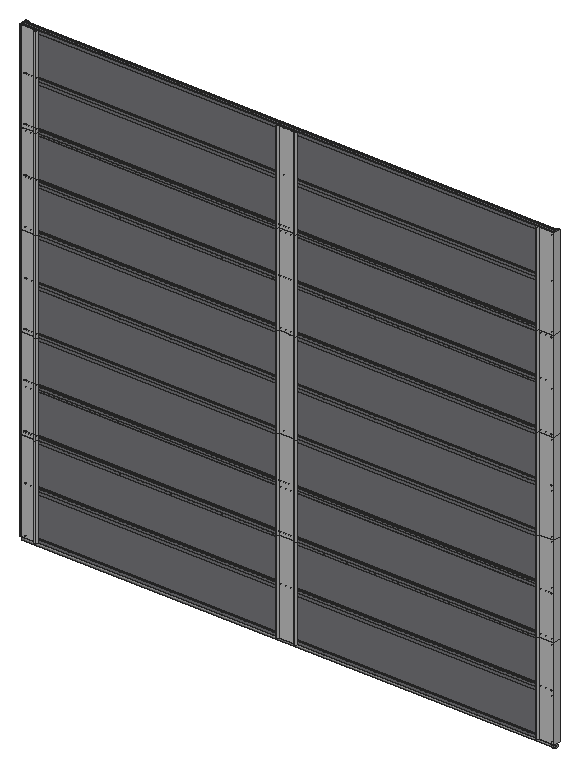
Revit family "GAFS 10H CH", category Doors, host Wall, Revit 2024
Family settings
  Host = Wall
  OmniClass Number = 23.30.10.00
  OmniClass Title = Doors
  Always vertical = Yes
  Cut with Voids When Loaded = No
  Shared = No
  Room Calculation Point = No
Parameters
  Wall Opening [instance] = 4880 mm
  Function = Interior
  Frame Projection Ext. = 25 mm
  Frame Projection Int. = 25 mm
  Frame Width = 75 mm
  Height = 2135 mm
  Wall Closure = By host
  Width = 2440 mm
Reference planes
  plane 1: y = 0
  plane 2 "Center (Left/Right)": x = 0
  plane 3: z = 2135
  plane 4 "Exterior": y = 75
  plane 5 "Interior": y = -75
  plane 6 "Garage Bottom": y = 75
  plane 7 "Garage Top": z = 2170
  plane 8: z = 19.954
  plane 9 "Garage Left": x = 1250
  plane 10 "Garage Right": x = -1250
Forms (mm)
  Extrusion 1, solid, material "STEEL BACK & SIDE PLATES"
    sketch origin (2744.172, 256, 612.954) x (1, 0, 0) y (0, 1, 0)
      loop
        line (-2791.977, -404.804) -> (-2789.506, -414.002) -> (-2782.523, -414.002) -> (-2780.383, -405.996) -> (-2707.961, -405.996) -> (-2705.821, -414.002) -> (-2698.839, -414.002) -> (-2696.367, -404.804) -> (-2697.626, -404.804) -> (-2699.758, -412.802) -> (-2704.9, -412.802) -> (-2707.039, -404.797) -> (-2781.305, -404.797) -> (-2783.444, -412.802) -> (-2788.586, -412.802) -> (-2790.718, -404.804) -> (-2791.977, -404.804)
      loop
        line (-3985.472, -373.2) -> (-3992.972, -373.2) -> (-3992.972, -372) -> (-3991.972, -372)
        arc (-3991.972, -372) -> (-3991.472, -371.5) -> (-3991.972, -371) r 0.5
        line (-3991.972, -371) -> (-3994.172, -371) -> (-3994.172, -406) -> (-3924.955, -406) -> (-3922.812, -414) -> (-3915.811, -414) -> (-3913.363, -404.8) -> (-3914.589, -404.8) -> (-3916.732, -412.8) -> (-3921.891, -412.8) -> (-3924.034, -404.8) -> (-3992.972, -404.8) -> (-3992.972, -374.4) -> (-3980.945, -374.4)
        arc (-3980.945, -374.4) -> (-3980.21, -374.891) -> (-3979.372, -374.607) r 1
        line (-3979.372, -374.607) -> (-3978.819, -374.054)
        arc (-3978.819, -374.054) -> (-3978.71, -373.509) -> (-3979.172, -373.2) r 0.5
        line (-3979.172, -373.2) -> (-3984.272, -373.2) -> (-3984.272, -371) -> (-3986.472, -371)
        arc (-3986.472, -371) -> (-3986.972, -371.5) -> (-3986.472, -372) r 0.5
        line (-3986.472, -372) -> (-3985.472, -372) -> (-3985.472, -373.2)
      loop
        line (-1502.872, -373.2) -> (-1502.872, -372) -> (-1501.872, -372)
        arc (-1501.872, -372) -> (-1501.372, -371.5) -> (-1501.872, -371) r 0.5
        line (-1501.872, -371) -> (-1504.072, -371) -> (-1504.072, -373.2) -> (-1509.172, -373.2)
        arc (-1509.172, -373.2) -> (-1509.634, -373.509) -> (-1509.526, -374.054) r 0.5
        line (-1509.526, -374.054) -> (-1508.972, -374.607)
        arc (-1508.972, -374.607) -> (-1508.135, -374.891) -> (-1507.399, -374.4) r 1
        line (-1507.399, -374.4) -> (-1495.372, -374.4) -> (-1495.372, -404.8) -> (-1564.31, -404.8) -> (-1566.454, -412.8) -> (-1571.612, -412.8) -> (-1573.756, -404.8) -> (-1574.982, -404.8) -> (-1572.533, -414) -> (-1565.533, -414) -> (-1563.389, -406) -> (-1494.172, -406) -> (-1494.172, -371) -> (-1496.372, -371)
        arc (-1496.372, -371) -> (-1496.872, -371.5) -> (-1496.372, -372) r 0.5
        line (-1496.372, -372) -> (-1495.372, -372) -> (-1495.372, -373.2) -> (-1502.872, -373.2)
    from 267.046 to 697.046
  Extrusion 2, solid, material "STEEL BACK & SIDE PLATES"
    sketch origin (2744.172, 256, 182.954) x (1, 0, 0) y (0, 1, 0)
      loop
        line (-2791.977, -404.804) -> (-2789.506, -414.002) -> (-2782.523, -414.002) -> (-2780.383, -405.996) -> (-2707.961, -405.996) -> (-2705.821, -414.002) -> (-2698.839, -414.002) -> (-2696.367, -404.804) -> (-2697.626, -404.804) -> (-2699.758, -412.802) -> (-2704.9, -412.802) -> (-2707.039, -404.797) -> (-2781.305, -404.797) -> (-2783.444, -412.802) -> (-2788.586, -412.802) -> (-2790.718, -404.804) -> (-2791.977, -404.804)
      loop
        line (-3985.472, -373.2) -> (-3992.972, -373.2) -> (-3992.972, -372) -> (-3991.972, -372)
        arc (-3991.972, -372) -> (-3991.472, -371.5) -> (-3991.972, -371) r 0.5
        line (-3991.972, -371) -> (-3994.172, -371) -> (-3994.172, -406) -> (-3924.955, -406) -> (-3922.812, -414) -> (-3915.811, -414) -> (-3913.363, -404.8) -> (-3914.589, -404.8) -> (-3916.732, -412.8) -> (-3921.891, -412.8) -> (-3924.034, -404.8) -> (-3992.972, -404.8) -> (-3992.972, -374.4) -> (-3980.945, -374.4)
        arc (-3980.945, -374.4) -> (-3980.21, -374.891) -> (-3979.372, -374.607) r 1
        line (-3979.372, -374.607) -> (-3978.819, -374.054)
        arc (-3978.819, -374.054) -> (-3978.71, -373.509) -> (-3979.172, -373.2) r 0.5
        line (-3979.172, -373.2) -> (-3984.272, -373.2) -> (-3984.272, -371) -> (-3986.472, -371)
        arc (-3986.472, -371) -> (-3986.972, -371.5) -> (-3986.472, -372) r 0.5
        line (-3986.472, -372) -> (-3985.472, -372) -> (-3985.472, -373.2)
      loop
        line (-1502.872, -373.2) -> (-1502.872, -372) -> (-1501.872, -372)
        arc (-1501.872, -372) -> (-1501.372, -371.5) -> (-1501.872, -371) r 0.5
        line (-1501.872, -371) -> (-1504.072, -371) -> (-1504.072, -373.2) -> (-1509.172, -373.2)
        arc (-1509.172, -373.2) -> (-1509.634, -373.509) -> (-1509.526, -374.054) r 0.5
        line (-1509.526, -374.054) -> (-1508.972, -374.607)
        arc (-1508.972, -374.607) -> (-1508.135, -374.891) -> (-1507.399, -374.4) r 1
        line (-1507.399, -374.4) -> (-1495.372, -374.4) -> (-1495.372, -404.8) -> (-1564.31, -404.8) -> (-1566.454, -412.8) -> (-1571.612, -412.8) -> (-1573.756, -404.8) -> (-1574.982, -404.8) -> (-1572.533, -414) -> (-1565.533, -414) -> (-1563.389, -406) -> (-1494.172, -406) -> (-1494.172, -371) -> (-1496.372, -371)
        arc (-1496.372, -371) -> (-1496.872, -371.5) -> (-1496.372, -372) r 0.5
        line (-1496.372, -372) -> (-1495.372, -372) -> (-1495.372, -373.2) -> (-1502.872, -373.2)
    from 267.046 to 697.046
  Extrusion 3, solid, material "STEEL BACK & SIDE PLATES"
    sketch origin (2744.172, 256, -247.046) x (1, 0, 0) y (0, 1, 0)
      loop
        line (-2791.977, -404.804) -> (-2789.506, -414.002) -> (-2782.523, -414.002) -> (-2780.383, -405.996) -> (-2707.961, -405.996) -> (-2705.821, -414.002) -> (-2698.839, -414.002) -> (-2696.367, -404.804) -> (-2697.626, -404.804) -> (-2699.758, -412.802) -> (-2704.9, -412.802) -> (-2707.039, -404.797) -> (-2781.305, -404.797) -> (-2783.444, -412.802) -> (-2788.586, -412.802) -> (-2790.718, -404.804) -> (-2791.977, -404.804)
      loop
        line (-3985.472, -373.2) -> (-3992.972, -373.2) -> (-3992.972, -372) -> (-3991.972, -372)
        arc (-3991.972, -372) -> (-3991.472, -371.5) -> (-3991.972, -371) r 0.5
        line (-3991.972, -371) -> (-3994.172, -371) -> (-3994.172, -406) -> (-3924.955, -406) -> (-3922.812, -414) -> (-3915.811, -414) -> (-3913.363, -404.8) -> (-3914.589, -404.8) -> (-3916.732, -412.8) -> (-3921.891, -412.8) -> (-3924.034, -404.8) -> (-3992.972, -404.8) -> (-3992.972, -374.4) -> (-3980.945, -374.4)
        arc (-3980.945, -374.4) -> (-3980.21, -374.891) -> (-3979.372, -374.607) r 1
        line (-3979.372, -374.607) -> (-3978.819, -374.054)
        arc (-3978.819, -374.054) -> (-3978.71, -373.509) -> (-3979.172, -373.2) r 0.5
        line (-3979.172, -373.2) -> (-3984.272, -373.2) -> (-3984.272, -371) -> (-3986.472, -371)
        arc (-3986.472, -371) -> (-3986.972, -371.5) -> (-3986.472, -372) r 0.5
        line (-3986.472, -372) -> (-3985.472, -372) -> (-3985.472, -373.2)
      loop
        line (-1502.872, -373.2) -> (-1502.872, -372) -> (-1501.872, -372)
        arc (-1501.872, -372) -> (-1501.372, -371.5) -> (-1501.872, -371) r 0.5
        line (-1501.872, -371) -> (-1504.072, -371) -> (-1504.072, -373.2) -> (-1509.172, -373.2)
        arc (-1509.172, -373.2) -> (-1509.634, -373.509) -> (-1509.526, -374.054) r 0.5
        line (-1509.526, -374.054) -> (-1508.972, -374.607)
        arc (-1508.972, -374.607) -> (-1508.135, -374.891) -> (-1507.399, -374.4) r 1
        line (-1507.399, -374.4) -> (-1495.372, -374.4) -> (-1495.372, -404.8) -> (-1564.31, -404.8) -> (-1566.454, -412.8) -> (-1571.612, -412.8) -> (-1573.756, -404.8) -> (-1574.982, -404.8) -> (-1572.533, -414) -> (-1565.533, -414) -> (-1563.389, -406) -> (-1494.172, -406) -> (-1494.172, -371) -> (-1496.372, -371)
        arc (-1496.372, -371) -> (-1496.872, -371.5) -> (-1496.372, -372) r 0.5
        line (-1496.372, -372) -> (-1495.372, -372) -> (-1495.372, -373.2) -> (-1502.872, -373.2)
    from 267 to 697.046
  Extrusion 4, solid, material "STEEL BACK & SIDE PLATES"
    sketch origin (2744.172, 256, 1042.954) x (1, 0, 0) y (0, 1, 0)
      loop
        line (-2791.977, -404.804) -> (-2789.506, -414.002) -> (-2782.523, -414.002) -> (-2780.383, -405.996) -> (-2707.961, -405.996) -> (-2705.821, -414.002) -> (-2698.839, -414.002) -> (-2696.367, -404.804) -> (-2697.626, -404.804) -> (-2699.758, -412.802) -> (-2704.9, -412.802) -> (-2707.039, -404.797) -> (-2781.305, -404.797) -> (-2783.444, -412.802) -> (-2788.586, -412.802) -> (-2790.718, -404.804) -> (-2791.977, -404.804)
      loop
        line (-3985.472, -373.2) -> (-3992.972, -373.2) -> (-3992.972, -372) -> (-3991.972, -372)
        arc (-3991.972, -372) -> (-3991.472, -371.5) -> (-3991.972, -371) r 0.5
        line (-3991.972, -371) -> (-3994.172, -371) -> (-3994.172, -406) -> (-3924.955, -406) -> (-3922.812, -414) -> (-3915.811, -414) -> (-3913.363, -404.8) -> (-3914.589, -404.8) -> (-3916.732, -412.8) -> (-3921.891, -412.8) -> (-3924.034, -404.8) -> (-3992.972, -404.8) -> (-3992.972, -374.4) -> (-3980.945, -374.4)
        arc (-3980.945, -374.4) -> (-3980.21, -374.891) -> (-3979.372, -374.607) r 1
        line (-3979.372, -374.607) -> (-3978.819, -374.054)
        arc (-3978.819, -374.054) -> (-3978.71, -373.509) -> (-3979.172, -373.2) r 0.5
        line (-3979.172, -373.2) -> (-3984.272, -373.2) -> (-3984.272, -371) -> (-3986.472, -371)
        arc (-3986.472, -371) -> (-3986.972, -371.5) -> (-3986.472, -372) r 0.5
        line (-3986.472, -372) -> (-3985.472, -372) -> (-3985.472, -373.2)
      loop
        line (-1502.872, -373.2) -> (-1502.872, -372) -> (-1501.872, -372)
        arc (-1501.872, -372) -> (-1501.372, -371.5) -> (-1501.872, -371) r 0.5
        line (-1501.872, -371) -> (-1504.072, -371) -> (-1504.072, -373.2) -> (-1509.172, -373.2)
        arc (-1509.172, -373.2) -> (-1509.634, -373.509) -> (-1509.526, -374.054) r 0.5
        line (-1509.526, -374.054) -> (-1508.972, -374.607)
        arc (-1508.972, -374.607) -> (-1508.135, -374.891) -> (-1507.399, -374.4) r 1
        line (-1507.399, -374.4) -> (-1495.372, -374.4) -> (-1495.372, -404.8) -> (-1564.31, -404.8) -> (-1566.454, -412.8) -> (-1571.612, -412.8) -> (-1573.756, -404.8) -> (-1574.982, -404.8) -> (-1572.533, -414) -> (-1565.533, -414) -> (-1563.389, -406) -> (-1494.172, -406) -> (-1494.172, -371) -> (-1496.372, -371)
        arc (-1496.372, -371) -> (-1496.872, -371.5) -> (-1496.372, -372) r 0.5
        line (-1496.372, -372) -> (-1495.372, -372) -> (-1495.372, -373.2) -> (-1502.872, -373.2)
    from 267.046 to 697.046
  Extrusion 5, solid, material "STEEL BACK & SIDE PLATES"
    sketch origin (2744.172, 256, 1472.954) x (1, 0, 0) y (0, 1, 0)
      loop
        line (-2791.977, -404.804) -> (-2789.506, -414.002) -> (-2782.523, -414.002) -> (-2780.383, -405.996) -> (-2707.961, -405.996) -> (-2705.821, -414.002) -> (-2698.839, -414.002) -> (-2696.367, -404.804) -> (-2697.626, -404.804) -> (-2699.758, -412.802) -> (-2704.9, -412.802) -> (-2707.039, -404.797) -> (-2781.305, -404.797) -> (-2783.444, -412.802) -> (-2788.586, -412.802) -> (-2790.718, -404.804) -> (-2791.977, -404.804)
      loop
        line (-3985.472, -373.2) -> (-3992.972, -373.2) -> (-3992.972, -372) -> (-3991.972, -372)
        arc (-3991.972, -372) -> (-3991.472, -371.5) -> (-3991.972, -371) r 0.5
        line (-3991.972, -371) -> (-3994.172, -371) -> (-3994.172, -406) -> (-3924.955, -406) -> (-3922.812, -414) -> (-3915.811, -414) -> (-3913.363, -404.8) -> (-3914.589, -404.8) -> (-3916.732, -412.8) -> (-3921.891, -412.8) -> (-3924.034, -404.8) -> (-3992.972, -404.8) -> (-3992.972, -374.4) -> (-3980.945, -374.4)
        arc (-3980.945, -374.4) -> (-3980.21, -374.891) -> (-3979.372, -374.607) r 1
        line (-3979.372, -374.607) -> (-3978.819, -374.054)
        arc (-3978.819, -374.054) -> (-3978.71, -373.509) -> (-3979.172, -373.2) r 0.5
        line (-3979.172, -373.2) -> (-3984.272, -373.2) -> (-3984.272, -371) -> (-3986.472, -371)
        arc (-3986.472, -371) -> (-3986.972, -371.5) -> (-3986.472, -372) r 0.5
        line (-3986.472, -372) -> (-3985.472, -372) -> (-3985.472, -373.2)
      loop
        line (-1502.872, -373.2) -> (-1502.872, -372) -> (-1501.872, -372)
        arc (-1501.872, -372) -> (-1501.372, -371.5) -> (-1501.872, -371) r 0.5
        line (-1501.872, -371) -> (-1504.072, -371) -> (-1504.072, -373.2) -> (-1509.172, -373.2)
        arc (-1509.172, -373.2) -> (-1509.634, -373.509) -> (-1509.526, -374.054) r 0.5
        line (-1509.526, -374.054) -> (-1508.972, -374.607)
        arc (-1508.972, -374.607) -> (-1508.135, -374.891) -> (-1507.399, -374.4) r 1
        line (-1507.399, -374.4) -> (-1495.372, -374.4) -> (-1495.372, -404.8) -> (-1564.31, -404.8) -> (-1566.454, -412.8) -> (-1571.612, -412.8) -> (-1573.756, -404.8) -> (-1574.982, -404.8) -> (-1572.533, -414) -> (-1565.533, -414) -> (-1563.389, -406) -> (-1494.172, -406) -> (-1494.172, -371) -> (-1496.372, -371)
        arc (-1496.372, -371) -> (-1496.872, -371.5) -> (-1496.372, -372) r 0.5
        line (-1496.372, -372) -> (-1495.372, -372) -> (-1495.372, -373.2) -> (-1502.872, -373.2)
    from 267.046 to 697.046
  Extrusion 6, solid, material "ALUMINIUM CHAR (TEST)"
    sketch origin (0, -44, 2189.863) x (0, -1, 0) y (0, 0, -1)
      loop
        line (82.14, 2169.909) -> (74.797, 2169.909) -> (74.797, 1963.364) -> (78.797, 1961.909) -> (78.797, 1954.909) -> (83.136, 1954.909)
        arc (83.136, 1954.909) -> (83.518, 1954.832) -> (83.843, 1954.616) r 1
        line (83.843, 1954.616) -> (86.55, 1951.909) -> (88.077, 1951.909)
        arc (88.077, 1951.909) -> (88.477, 1952.309) -> (88.077, 1952.709) r 0.4
        line (88.077, 1952.709) -> (87.047, 1952.709) -> (87.047, 1953.909) -> (92.547, 1953.909) -> (92.547, 1952.709) -> (91.517, 1952.709)
        arc (91.517, 1952.709) -> (91.117, 1952.309) -> (91.517, 1951.909) r 0.4
        line (91.517, 1951.909) -> (93.044, 1951.909) -> (95.751, 1954.616)
        arc (95.751, 1954.616) -> (96.077, 1954.833) -> (96.461, 1954.909) r 1
        line (96.461, 1954.909) -> (104.797, 1954.909) -> (104.797, 1966.909) -> (101.397, 1966.909)
        arc (101.397, 1966.909) -> (100.697, 1966.209) -> (101.397, 1965.509) r 0.7
        line (101.397, 1965.509) -> (103.397, 1965.509) -> (103.397, 1956.309) -> (95.464, 1956.309) -> (94.464, 1955.309) -> (85.13, 1955.309) -> (84.13, 1956.309) -> (80.197, 1956.309) -> (80.197, 1962.889) -> (76.197, 1964.345) -> (76.197, 2168.509) -> (81.56, 2168.509) -> (87.06, 2163.009) -> (92.534, 2163.009) -> (98.034, 2168.509) -> (103.397, 2168.509) -> (103.397, 2159.309) -> (101.397, 2159.309)
        arc (101.397, 2159.309) -> (100.697, 2158.609) -> (101.397, 2157.909) r 0.7
        line (101.397, 2157.909) -> (104.797, 2157.909) -> (104.797, 2169.909) -> (97.454, 2169.909) -> (91.954, 2164.409) -> (87.64, 2164.409) -> (82.14, 2169.909)
    from -1248.8 to 1248.8
  Extrusion 7, solid, material "Rubber, Natural"
    sketch origin (0, -32.797, 0.046) x (0, 1, 0) y (0, 0, 1)
      loop
        line (-111, 19.909) -> (-111, 16.909) -> (-106, 16.909) -> (-106, 14.004)
        spline (-106, 14.004) -> (-109.192, 11.809) -> (-110.848, 8.808) -> (-110.659, 5.562) -> (-108.66, 2.681) -> (-105.226, 0.703) -> (-101, 0) -> (-96.774, 0.703) -> (-93.34, 2.681) -> (-91.341, 5.562) -> (-91.152, 8.808) -> (-92.808, 11.809) -> (-96, 14.004)
        line (-96, 14.004) -> (-96, 16.909) -> (-91, 16.909) -> (-91, 19.909) -> (-111, 19.909)
      loop
        line (-98, 16.909) -> (-104, 16.909) -> (-104, 14.633)
        arc (-104, 14.633) -> (-101, 15.009) -> (-98, 14.633) r 12.129
        line (-98, 14.633) -> (-98, 16.909)
      loop
        spline (-101, 1.513) -> (-98.929, 1.717) -> (-97, 2.316) -> (-95.343, 3.268) -> (-94.072, 4.509) -> (-93.273, 5.954) -> (-93, 7.505) -> (-93.273, 9.055) -> (-94.072, 10.501) -> (-95.343, 11.742) -> (-97, 12.694) -> (-98.929, 13.292) -> (-101, 13.496)
        spline (-101, 13.496) -> (-103.071, 13.292) -> (-105, 12.694) -> (-106.657, 11.742) -> (-107.928, 10.501) -> (-108.727, 9.055) -> (-109, 7.505) -> (-108.727, 5.954) -> (-107.928, 4.509) -> (-106.657, 3.268) -> (-105, 2.316) -> (-103.071, 1.717) -> (-101, 1.513)
    from -1248.8 to 1248.8
  Extrusion 8, solid, material "ALUMINIUM CHAR (TEST)"
    sketch origin (0, -44, 2404.863) x (0, -1, 0) y (0, 0, -1)
      loop
        line (82.14, 2169.909) -> (74.797, 2169.909) -> (74.797, 1963.319) -> (78.797, 1961.863) -> (78.797, 1954.863) -> (83.136, 1954.863)
        arc (83.136, 1954.863) -> (83.518, 1954.787) -> (83.843, 1954.57) r 1
        line (83.843, 1954.57) -> (86.55, 1951.863) -> (88.077, 1951.863)
        arc (88.077, 1951.863) -> (88.477, 1952.263) -> (88.077, 1952.663) r 0.4
        line (88.077, 1952.663) -> (87.047, 1952.663) -> (87.047, 1953.863) -> (92.547, 1953.863) -> (92.547, 1952.663) -> (91.517, 1952.663)
        arc (91.517, 1952.663) -> (91.117, 1952.263) -> (91.517, 1951.863) r 0.4
        line (91.517, 1951.863) -> (93.044, 1951.863) -> (95.751, 1954.57)
        arc (95.751, 1954.57) -> (96.077, 1954.787) -> (96.461, 1954.863) r 1
        line (96.461, 1954.863) -> (104.797, 1954.863) -> (104.797, 1966.863) -> (101.397, 1966.863)
        arc (101.397, 1966.863) -> (100.697, 1966.163) -> (101.397, 1965.463) r 0.7
        line (101.397, 1965.463) -> (103.397, 1965.463) -> (103.397, 1956.263) -> (95.464, 1956.263) -> (94.464, 1955.263) -> (85.13, 1955.263) -> (84.13, 1956.263) -> (80.197, 1956.263) -> (80.197, 1962.843) -> (76.197, 1964.299) -> (76.197, 2168.509) -> (81.56, 2168.509) -> (87.06, 2163.009) -> (92.534, 2163.009) -> (98.034, 2168.509) -> (103.397, 2168.509) -> (103.397, 2159.309) -> (101.397, 2159.309)
        arc (101.397, 2159.309) -> (100.697, 2158.609) -> (101.397, 2157.909) r 0.7
        line (101.397, 2157.909) -> (104.797, 2157.909) -> (104.797, 2169.909) -> (97.454, 2169.909) -> (91.954, 2164.409) -> (87.64, 2164.409) -> (82.14, 2169.909)
    from -1248.8 to 1248.8
  Extrusion 9, solid, material "ALUMINIUM CHAR (TEST)"
    sketch origin (0, -44, 2619.909) x (0, -1, 0) y (0, 0, -1)
      loop
        line (82.14, 2169.909) -> (74.797, 2169.909) -> (74.797, 1963.364) -> (78.797, 1961.909) -> (78.797, 1954.909) -> (83.136, 1954.909)
        arc (83.136, 1954.909) -> (83.518, 1954.832) -> (83.843, 1954.616) r 1
        line (83.843, 1954.616) -> (86.55, 1951.909) -> (88.077, 1951.909)
        arc (88.077, 1951.909) -> (88.477, 1952.309) -> (88.077, 1952.709) r 0.4
        line (88.077, 1952.709) -> (87.047, 1952.709) -> (87.047, 1953.909) -> (92.547, 1953.909) -> (92.547, 1952.709) -> (91.517, 1952.709)
        arc (91.517, 1952.709) -> (91.117, 1952.309) -> (91.517, 1951.909) r 0.4
        line (91.517, 1951.909) -> (93.044, 1951.909) -> (95.751, 1954.616)
        arc (95.751, 1954.616) -> (96.077, 1954.833) -> (96.461, 1954.909) r 1
        line (96.461, 1954.909) -> (104.797, 1954.909) -> (104.797, 1966.909) -> (101.397, 1966.909)
        arc (101.397, 1966.909) -> (100.697, 1966.209) -> (101.397, 1965.509) r 0.7
        line (101.397, 1965.509) -> (103.397, 1965.509) -> (103.397, 1956.309) -> (95.464, 1956.309) -> (94.464, 1955.309) -> (85.13, 1955.309) -> (84.13, 1956.309) -> (80.197, 1956.309) -> (80.197, 1962.889) -> (76.197, 1964.345) -> (76.197, 2168.509) -> (81.56, 2168.509) -> (87.06, 2163.009) -> (92.534, 2163.009) -> (98.034, 2168.509) -> (103.397, 2168.509) -> (103.397, 2159.309) -> (101.397, 2159.309)
        arc (101.397, 2159.309) -> (100.697, 2158.609) -> (101.397, 2157.909) r 0.7
        line (101.397, 2157.909) -> (104.797, 2157.909) -> (104.797, 2169.909) -> (97.454, 2169.909) -> (91.954, 2164.409) -> (87.64, 2164.409) -> (82.14, 2169.909)
    from -1248.8 to 1248.8
  Extrusion 10, solid, material "ALUMINIUM CHAR (TEST)"
    sketch origin (0, -44, 2834.909) x (0, -1, 0) y (0, 0, -1)
      loop
        line (82.14, 2169.909) -> (74.797, 2169.909) -> (74.797, 1963.364) -> (78.797, 1961.909) -> (78.797, 1954.909) -> (83.136, 1954.909)
        arc (83.136, 1954.909) -> (83.518, 1954.832) -> (83.843, 1954.616) r 1
        line (83.843, 1954.616) -> (86.55, 1951.909) -> (88.077, 1951.909)
        arc (88.077, 1951.909) -> (88.477, 1952.309) -> (88.077, 1952.709) r 0.4
        line (88.077, 1952.709) -> (87.047, 1952.709) -> (87.047, 1953.909) -> (92.547, 1953.909) -> (92.547, 1952.709) -> (91.517, 1952.709)
        arc (91.517, 1952.709) -> (91.117, 1952.309) -> (91.517, 1951.909) r 0.4
        line (91.517, 1951.909) -> (93.044, 1951.909) -> (95.751, 1954.616)
        arc (95.751, 1954.616) -> (96.077, 1954.833) -> (96.461, 1954.909) r 1
        line (96.461, 1954.909) -> (104.797, 1954.909) -> (104.797, 1966.909) -> (101.397, 1966.909)
        arc (101.397, 1966.909) -> (100.697, 1966.209) -> (101.397, 1965.509) r 0.7
        line (101.397, 1965.509) -> (103.397, 1965.509) -> (103.397, 1956.309) -> (95.464, 1956.309) -> (94.464, 1955.309) -> (85.13, 1955.309) -> (84.13, 1956.309) -> (80.197, 1956.309) -> (80.197, 1962.889) -> (76.197, 1964.345) -> (76.197, 2168.509) -> (81.56, 2168.509) -> (87.06, 2163.009) -> (92.534, 2163.009) -> (98.034, 2168.509) -> (103.397, 2168.509) -> (103.397, 2159.309) -> (101.397, 2159.309)
        arc (101.397, 2159.309) -> (100.697, 2158.609) -> (101.397, 2157.909) r 0.7
        line (101.397, 2157.909) -> (104.797, 2157.909) -> (104.797, 2169.909) -> (97.454, 2169.909) -> (91.954, 2164.409) -> (87.64, 2164.409) -> (82.14, 2169.909)
    from -1248.8 to 1248.8
  Extrusion 11, solid, material "ALUMINIUM CHAR (TEST)"
    sketch origin (0, -44, 3049.909) x (0, -1, 0) y (0, 0, -1)
      loop
        line (82.14, 2169.909) -> (74.797, 2169.909) -> (74.797, 1963.364) -> (78.797, 1961.909) -> (78.797, 1954.909) -> (83.136, 1954.909)
        arc (83.136, 1954.909) -> (83.518, 1954.832) -> (83.843, 1954.616) r 1
        line (83.843, 1954.616) -> (86.55, 1951.909) -> (88.077, 1951.909)
        arc (88.077, 1951.909) -> (88.477, 1952.309) -> (88.077, 1952.709) r 0.4
        line (88.077, 1952.709) -> (87.047, 1952.709) -> (87.047, 1953.909) -> (92.547, 1953.909) -> (92.547, 1952.709) -> (91.517, 1952.709)
        arc (91.517, 1952.709) -> (91.117, 1952.309) -> (91.517, 1951.909) r 0.4
        line (91.517, 1951.909) -> (93.044, 1951.909) -> (95.751, 1954.616)
        arc (95.751, 1954.616) -> (96.077, 1954.833) -> (96.461, 1954.909) r 1
        line (96.461, 1954.909) -> (104.797, 1954.909) -> (104.797, 1966.909) -> (101.397, 1966.909)
        arc (101.397, 1966.909) -> (100.697, 1966.209) -> (101.397, 1965.509) r 0.7
        line (101.397, 1965.509) -> (103.397, 1965.509) -> (103.397, 1956.309) -> (95.464, 1956.309) -> (94.464, 1955.309) -> (85.13, 1955.309) -> (84.13, 1956.309) -> (80.197, 1956.309) -> (80.197, 1962.889) -> (76.197, 1964.345) -> (76.197, 2168.509) -> (81.56, 2168.509) -> (87.06, 2163.009) -> (92.534, 2163.009) -> (98.034, 2168.509) -> (103.397, 2168.509) -> (103.397, 2159.309) -> (101.397, 2159.309)
        arc (101.397, 2159.309) -> (100.697, 2158.609) -> (101.397, 2157.909) r 0.7
        line (101.397, 2157.909) -> (104.797, 2157.909) -> (104.797, 2169.909) -> (97.454, 2169.909) -> (91.954, 2164.409) -> (87.64, 2164.409) -> (82.14, 2169.909)
    from -1248.8 to 1248.8
  Extrusion 12, solid, material "ALUMINIUM CHAR (TEST)"
    sketch origin (0, -44, 3264.909) x (0, -1, 0) y (0, 0, -1)
      loop
        line (82.14, 2169.909) -> (74.797, 2169.909) -> (74.797, 1963.364) -> (78.797, 1961.909) -> (78.797, 1954.909) -> (83.136, 1954.909)
        arc (83.136, 1954.909) -> (83.518, 1954.832) -> (83.843, 1954.616) r 1
        line (83.843, 1954.616) -> (86.55, 1951.909) -> (88.077, 1951.909)
        arc (88.077, 1951.909) -> (88.477, 1952.309) -> (88.077, 1952.709) r 0.4
        line (88.077, 1952.709) -> (87.047, 1952.709) -> (87.047, 1953.909) -> (92.547, 1953.909) -> (92.547, 1952.709) -> (91.517, 1952.709)
        arc (91.517, 1952.709) -> (91.117, 1952.309) -> (91.517, 1951.909) r 0.4
        line (91.517, 1951.909) -> (93.044, 1951.909) -> (95.751, 1954.616)
        arc (95.751, 1954.616) -> (96.077, 1954.833) -> (96.461, 1954.909) r 1
        line (96.461, 1954.909) -> (104.797, 1954.909) -> (104.797, 1966.909) -> (101.397, 1966.909)
        arc (101.397, 1966.909) -> (100.697, 1966.209) -> (101.397, 1965.509) r 0.7
        line (101.397, 1965.509) -> (103.397, 1965.509) -> (103.397, 1956.309) -> (95.464, 1956.309) -> (94.464, 1955.309) -> (85.13, 1955.309) -> (84.13, 1956.309) -> (80.197, 1956.309) -> (80.197, 1962.889) -> (76.197, 1964.345) -> (76.197, 2168.509) -> (81.56, 2168.509) -> (87.06, 2163.009) -> (92.534, 2163.009) -> (98.034, 2168.509) -> (103.397, 2168.509) -> (103.397, 2159.309) -> (101.397, 2159.309)
        arc (101.397, 2159.309) -> (100.697, 2158.609) -> (101.397, 2157.909) r 0.7
        line (101.397, 2157.909) -> (104.797, 2157.909) -> (104.797, 2169.909) -> (97.454, 2169.909) -> (91.954, 2164.409) -> (87.64, 2164.409) -> (82.14, 2169.909)
    from -1248.8 to 1248.8
  Extrusion 13, solid, material "ALUMINIUM CHAR (TEST)"
    sketch origin (0, -44, 3587.409) x (0, -1, 0) y (0, 0, -1)
      loop
        line (82.14, 2277.409) -> (74.797, 2277.409) -> (74.797, 2070.864) -> (78.797, 2069.409) -> (78.797, 2062.409) -> (83.136, 2062.409)
        arc (83.136, 2062.409) -> (83.518, 2062.332) -> (83.843, 2062.116) r 1
        line (83.843, 2062.116) -> (86.55, 2059.409) -> (88.077, 2059.409)
        arc (88.077, 2059.409) -> (88.477, 2059.809) -> (88.077, 2060.209) r 0.4
        line (88.077, 2060.209) -> (87.047, 2060.209) -> (87.047, 2061.409) -> (92.547, 2061.409) -> (92.547, 2060.209) -> (91.517, 2060.209)
        arc (91.517, 2060.209) -> (91.117, 2059.809) -> (91.517, 2059.409) r 0.4
        line (91.517, 2059.409) -> (93.044, 2059.409) -> (95.751, 2062.116)
        arc (95.751, 2062.116) -> (96.077, 2062.333) -> (96.461, 2062.409) r 1
        line (96.461, 2062.409) -> (104.797, 2062.409) -> (104.797, 2074.409) -> (101.397, 2074.409)
        arc (101.397, 2074.409) -> (100.697, 2073.709) -> (101.397, 2073.009) r 0.7
        line (101.397, 2073.009) -> (103.397, 2073.009) -> (103.397, 2063.809) -> (95.464, 2063.809) -> (94.464, 2062.809) -> (85.13, 2062.809) -> (84.13, 2063.809) -> (80.197, 2063.809) -> (80.197, 2070.389) -> (76.197, 2071.845) -> (76.197, 2276.009) -> (81.56, 2276.009) -> (87.06, 2270.509) -> (92.534, 2270.509) -> (98.034, 2276.009) -> (103.397, 2276.009) -> (103.397, 2266.809) -> (101.397, 2266.809)
        arc (101.397, 2266.809) -> (100.697, 2266.109) -> (101.397, 2265.409) r 0.7
        line (101.397, 2265.409) -> (104.797, 2265.409) -> (104.797, 2277.409) -> (97.454, 2277.409) -> (91.954, 2271.909) -> (87.64, 2271.909) -> (82.14, 2277.409)
    from -1248.8 to 1248.8
  Extrusion 14, solid, material "ALUMINIUM CHAR (TEST)"
    sketch origin (0, -44, 3694.909) x (0, -1, 0) y (0, 0, -1)
      loop
        line (82.14, 2169.909) -> (74.797, 2169.909) -> (74.797, 1963.364) -> (78.797, 1961.909) -> (78.797, 1954.909) -> (83.136, 1954.909)
        arc (83.136, 1954.909) -> (83.518, 1954.832) -> (83.843, 1954.616) r 1
        line (83.843, 1954.616) -> (86.55, 1951.909) -> (88.077, 1951.909)
        arc (88.077, 1951.909) -> (88.477, 1952.309) -> (88.077, 1952.709) r 0.4
        line (88.077, 1952.709) -> (87.047, 1952.709) -> (87.047, 1953.909) -> (92.547, 1953.909) -> (92.547, 1952.709) -> (91.517, 1952.709)
        arc (91.517, 1952.709) -> (91.117, 1952.309) -> (91.517, 1951.909) r 0.4
        line (91.517, 1951.909) -> (93.044, 1951.909) -> (95.751, 1954.616)
        arc (95.751, 1954.616) -> (96.077, 1954.833) -> (96.461, 1954.909) r 1
        line (96.461, 1954.909) -> (104.797, 1954.909) -> (104.797, 1966.909) -> (101.397, 1966.909)
        arc (101.397, 1966.909) -> (100.697, 1966.209) -> (101.397, 1965.509) r 0.7
        line (101.397, 1965.509) -> (103.397, 1965.509) -> (103.397, 1956.309) -> (95.464, 1956.309) -> (94.464, 1955.309) -> (85.13, 1955.309) -> (84.13, 1956.309) -> (80.197, 1956.309) -> (80.197, 1962.889) -> (76.197, 1964.345) -> (76.197, 2168.509) -> (81.56, 2168.509) -> (87.06, 2163.009) -> (92.534, 2163.009) -> (98.034, 2168.509) -> (103.397, 2168.509) -> (103.397, 2159.309) -> (101.397, 2159.309)
        arc (101.397, 2159.309) -> (100.697, 2158.609) -> (101.397, 2157.909) r 0.7
        line (101.397, 2157.909) -> (104.797, 2157.909) -> (104.797, 2169.909) -> (97.454, 2169.909) -> (91.954, 2164.409) -> (87.64, 2164.409) -> (82.14, 2169.909)
    from -1248.8 to 1248.8
  Extrusion 15, solid, material "ALUMINIUM CHAR (TEST)"
    sketch origin (0, -44, 3909.909) x (0, -1, 0) y (0, 0, -1)
      loop
        line (82.14, 2169.909) -> (74.797, 2169.909) -> (74.797, 1963.364) -> (78.797, 1961.909) -> (78.797, 1954.909) -> (83.136, 1954.909)
        arc (83.136, 1954.909) -> (83.518, 1954.832) -> (83.843, 1954.616) r 1
        line (83.843, 1954.616) -> (86.55, 1951.909) -> (88.077, 1951.909)
        arc (88.077, 1951.909) -> (88.477, 1952.309) -> (88.077, 1952.709) r 0.4
        line (88.077, 1952.709) -> (87.047, 1952.709) -> (87.047, 1953.909) -> (92.547, 1953.909) -> (92.547, 1952.709) -> (91.517, 1952.709)
        arc (91.517, 1952.709) -> (91.117, 1952.309) -> (91.517, 1951.909) r 0.4
        line (91.517, 1951.909) -> (93.044, 1951.909) -> (95.751, 1954.616)
        arc (95.751, 1954.616) -> (96.077, 1954.833) -> (96.461, 1954.909) r 1
        line (96.461, 1954.909) -> (104.797, 1954.909) -> (104.797, 1966.909) -> (101.397, 1966.909)
        arc (101.397, 1966.909) -> (100.697, 1966.209) -> (101.397, 1965.509) r 0.7
        line (101.397, 1965.509) -> (103.397, 1965.509) -> (103.397, 1956.309) -> (95.464, 1956.309) -> (94.464, 1955.309) -> (85.13, 1955.309) -> (84.13, 1956.309) -> (80.197, 1956.309) -> (80.197, 1962.889) -> (76.197, 1964.345) -> (76.197, 2168.509) -> (81.56, 2168.509) -> (87.06, 2163.009) -> (92.534, 2163.009) -> (98.034, 2168.509) -> (103.397, 2168.509) -> (103.397, 2159.309) -> (101.397, 2159.309)
        arc (101.397, 2159.309) -> (100.697, 2158.609) -> (101.397, 2157.909) r 0.7
        line (101.397, 2157.909) -> (104.797, 2157.909) -> (104.797, 2169.909) -> (97.454, 2169.909) -> (91.954, 2164.409) -> (87.64, 2164.409) -> (82.14, 2169.909)
    from -1248.8 to 1248.8
  Extrusion 16, solid, material "ALUMINIUM CHAR (TEST)"
    sketch origin (0, -44, 4124.909) x (0, -1, 0) y (0, 0, -1)
      loop
        line (82.14, 2169.909) -> (74.797, 2169.909) -> (74.797, 1963.364) -> (78.797, 1961.909) -> (78.797, 1954.909) -> (83.136, 1954.909)
        arc (83.136, 1954.909) -> (83.518, 1954.832) -> (83.843, 1954.616) r 1
        line (83.843, 1954.616) -> (86.55, 1951.909) -> (88.077, 1951.909)
        arc (88.077, 1951.909) -> (88.477, 1952.309) -> (88.077, 1952.709) r 0.4
        line (88.077, 1952.709) -> (87.047, 1952.709) -> (87.047, 1953.909) -> (92.547, 1953.909) -> (92.547, 1952.709) -> (91.517, 1952.709)
        arc (91.517, 1952.709) -> (91.117, 1952.309) -> (91.517, 1951.909) r 0.4
        line (91.517, 1951.909) -> (93.044, 1951.909) -> (95.751, 1954.616)
        arc (95.751, 1954.616) -> (96.077, 1954.833) -> (96.461, 1954.909) r 1
        line (96.461, 1954.909) -> (104.797, 1954.909) -> (104.797, 1966.909) -> (101.397, 1966.909)
        arc (101.397, 1966.909) -> (100.697, 1966.209) -> (101.397, 1965.509) r 0.7
        line (101.397, 1965.509) -> (103.397, 1965.509) -> (103.397, 1956.309) -> (95.464, 1956.309) -> (94.464, 1955.309) -> (85.13, 1955.309) -> (84.13, 1956.309) -> (80.197, 1956.309) -> (80.197, 1962.889) -> (76.197, 1964.345) -> (76.197, 2168.509) -> (81.56, 2168.509) -> (87.06, 2163.009) -> (92.534, 2163.009) -> (98.034, 2168.509) -> (103.397, 2168.509) -> (103.397, 2159.309) -> (101.397, 2159.309)
        arc (101.397, 2159.309) -> (100.697, 2158.609) -> (101.397, 2157.909) r 0.7
        line (101.397, 2157.909) -> (104.797, 2157.909) -> (104.797, 2169.909) -> (97.454, 2169.909) -> (91.954, 2164.409) -> (87.64, 2164.409) -> (82.14, 2169.909)
    from -1248.8 to 1248.8
Lines and regions (mm)
  Opening 1
    outline origin (-5000, 75, 0) x (-1, 0, 0) y (0, 0, 1)
      loop
        line (-3780, 0) -> (-3780, 2135) -> (-6220, 2135) -> (-6220, 0) -> (-3780, 0)
  symbolic lines, style "Elevation Swing"
    curve 1: line (-1250, -105, 1694) -> (-1250, -2275, 1694)
    curve 2: line (-1250, -2275, 1694) -> (1250, -2275, 1694)
    curve 3: line (1250, -2275, 1694) -> (1250, -105, 1694)
Text (mm)
  text "Exterior" at (-2295.016, 1099.543, 0), in view "Ref. Level"
  text "Exterior" at (0, 1615.38, 3698.081), in view "Left"
  text "Exterior" at (0, 1036.032, 3874.932), in view "Right"
Dimensions and locks
  host wall to plane 3 = 2135 mm
  host wall to plane 7 "Garage Top" = 2170 mm
  locked: plane 4 "Exterior" to host wall
  locked: plane 5 "Interior" to host wall
  level to plane 7 "Garage Top" = 2170 mm
  plane 3 to level = 2135 mm
  plane 10 "Garage Right" to plane 9 "Garage Left" = 2500 mm
  host wall to host wall = 2440 mm
  aligned and locked: host wall to plane 1
